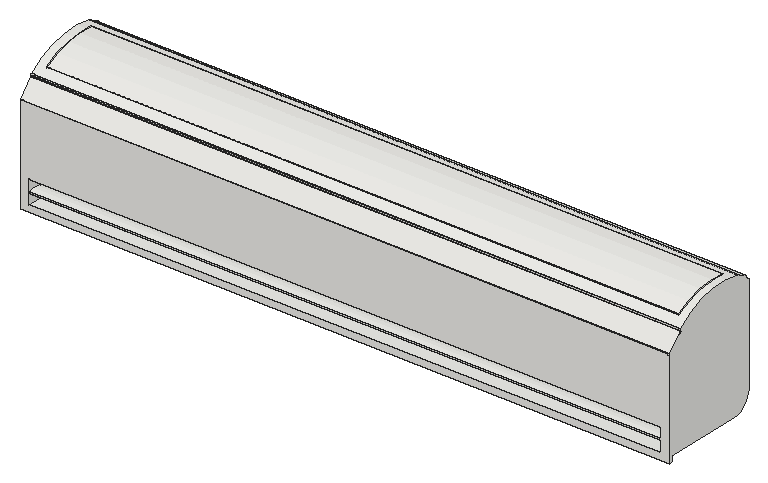
Revit family "ELiS C-W-150-bílá", category Mechanical Equipment, host Face, Revit 2018
Family settings
  Host = Face
  Round Connector Dimension = Use Diameter
  Part Type = Normal
  Cut with Voids When Loaded = No
  Shared = No
  Room Calculation Point = No
Parameters (values of type "ELiS C-W-150")
  Weight of unit = 27.50 kg
  Water stream flow in the heat exchanger = 0 L/s
  Water pressure drop in the heat exchanger = 0 kPa
  URL = "www.hydronic.cz"
  Type Comments = "vnitřní instalace, neprašné prostředí; IP21; max dosah 3m na 3 rychlost"
  Second Material = FLOWAIR-PerforatedSteel-White
  Product code = "14288; bílá, délka 150cm, teplovodní; PN16; tmax=95°C"
  Power supply voltage = 230 V
  Power ratio = 0.96
  Outlet water temperature (Tw2) = 0 °C
  Outlet air temperature (Tp2) = 0 °C
  Max. current consumption = 0.95 A
  Manufacturer = "Hydronic Systems Prague s.r.o."
  Main Material = FLOWAIR-Steel-White
  Load classification = Motor
  Length = 1500.00 mm  # constant formula
  Inlet water temperature (Tw1) = 0 °C
  Inlet air temperature (Tp1) = 0 °C
  Heating capacity = 0 kW
  Fan = "Single phase motor with diagonal rotor"
  Description = "Dveřní clona"
  Model = "ELiS C-W-150"
  IP = "21"
  Default Elevation = 2200.00 mm
  Connection = 3/4"
  Author = ""
  Apparent power = Power supply voltage * Max. current consumption  # 218.5 VA
  Air flow = 0 m³/h
Reference planes
  plane 1 "Środek (Przód/Tył)": y = 0
  plane 2: z = 0
  plane 3 "Środek (Lewa/Prawa)": x = 0
Dimensions and locks
  aligned and locked: plane 2 to host face
  aligned and locked: level to host face
  aligned and locked: plane 3 "Środek (Lewa/Prawa)" to nested 1
  aligned and locked: plane 1 "Środek (Przód/Tył)" to nested 1
Nested families
  nested 1: "ELiS C-W" at (0, 0, 0), type "ELiS C-W"
    with długość 1500.00 mm
Connectors
  piping at (704, 227.682, 166.954), diameter 19.05, driven by "Connection", driven by "Water stream flow in the heat exchanger", driven by "Water pressure drop in the heat exchanger"
    settings: on nested 1, index 7, connector inside diameter 24", connector length 0.00 mm, flow factor 0, pipe flow 0 L/s, pressure drop 0 kPa, fitting loss kfactor 0, connector angle 0.00°, fixture units 0, engagement length 0.00 mm, angle of deflection 0.00°, flow configuration 1, flow direction 2, fitting loss method 4, system type 8, joint type 0, gender type 0, connector reference index -1, connector utility 0, adjustable connector no, is connector primary yes, connector description ""
  piping at (704, 227.682, 242.954), diameter 19.05, driven by "Connection", driven by "Water stream flow in the heat exchanger", driven by "Water pressure drop in the heat exchanger"
    settings: on nested 1, index 8, connector inside diameter 24", connector length 0.00 mm, flow factor 0, pipe flow 0 L/s, pressure drop 0 kPa, fitting loss kfactor 0, connector angle 0.00°, fixture units 0, engagement length 0.00 mm, angle of deflection 0.00°, flow configuration 1, flow direction 1, fitting loss method 4, system type 7, joint type 0, gender type 0, connector reference index -1, connector utility 0, adjustable connector no, is connector primary no, connector description ""
  electrical at (0, 235.182, 54.049), driven by "Power supply voltage", driven by "Apparent power", driven by "Power ratio", driven by "Load classification"
    settings: on nested 1, index 9, voltage 230 V, apparent load 218.5 VA, apparent load phase1 0 VA, apparent load phase2 0 VA, apparent load phase3 0 VA, power factor 0.96, load classification "Motor", number of poles 1, system type 30, power factor state 1, is connector primary yes, connector utility no, sub classification motor no, connector description ""
  electrical at (-59, 235.182, 85.024)
    settings: on nested 1, index 10, voltage 0 V, apparent load 0 VA, apparent load phase1 0 VA, apparent load phase2 0 VA, apparent load phase3 0 VA, power factor 1, load classification "Motor", number of poles 1, system type 13, power factor state 1, is connector primary no, connector utility no, sub classification motor no, connector description "TS regulator"
  electrical at (59, 235.182, 85.024)
    settings: on nested 1, index 11, voltage 0 V, apparent load 0 VA, apparent load phase1 0 VA, apparent load phase2 0 VA, apparent load phase3 0 VA, power factor 1, load classification "Motor", number of poles 1, system type 13, power factor state 1, is connector primary no, connector utility no, sub classification motor no, connector description "Limit switches"
Definition of nested family "ELiS C-W"
  Parameters
    materiał perforacja = none
    materiał = none
    długość = 1000.00 mm
  Reference planes
    plane 1 "Środek (Przód/Tył)": y = 0
    plane 2: z = 0
    plane 3 "Środek (Lewa/Prawa)": x = 0
    plane 4: x = -500
    plane 5: x = 500
    plane 6: x = -480
    plane 7: x = 480
    plane 8: x = 250
    plane 9: x = -250
  Forms (mm)
    Extrusion 1, solid, material <- "materiał", detail levels medium
      sketch origin (0, 300, 0) x (0, 1, 0) y (0, 0, 1)
        loop
          line (-72.756, 283.564) -> (-81.693, 294.358)
          arc (-81.693, 294.358) -> (-82.051, 294.684) -> (-82.482, 294.903) r 1.8
          line (-82.482, 294.903) -> (-98.157, 300.357)
          arc (-98.157, 300.357) -> (-98.505, 300.566) -> (-98.742, 300.895) r 1
          line (-98.742, 300.895) -> (-99.846, 303.375)
          arc (-99.846, 303.375) -> (-100.355, 304.039) -> (-101.109, 304.402) r 1.8
          arc (-101.109, 304.402) -> (-188.803, 303.806) -> (-267.88, 265.892) r 200.8
          arc (-267.88, 265.892) -> (-268.406, 265.22) -> (-268.563, 264.381) r 1.8
          line (-268.563, 264.381) -> (-268.42, 261.651)
          arc (-268.42, 261.651) -> (-268.477, 261.263) -> (-268.678, 260.927) r 1
          line (-268.678, 260.927) -> (-299.538, 226.654)
          arc (-299.538, 226.654) -> (-299.88, 226.094) -> (-300, 225.449) r 1.8
          line (-300, 225.449) -> (-300, 0) -> (-292.2, 0) -> (-292.2, 13.085) -> (-113.282, 13.085)
          arc (-113.282, 13.085) -> (-84.316, 25.083) -> (-72.318, 54.049) r 40.964
          line (-72.318, 54.049) -> (-72.318, 282.336)
          arc (-72.318, 282.336) -> (-72.431, 282.988) -> (-72.756, 283.564) r 1.943
      from -500 to 500
    Extrusion 2, solid, material <- "materiał", detail levels coarse
      sketch origin (0, 0, 0) x (0, 1, 0) y (0, 0, 1)
        loop
          arc (227.682, 295.867) -> (103.817, 301.954) -> (0, 234.12) r 200.8
          line (0, 234.12) -> (0, 0) -> (227.682, 0) -> (227.682, 295.867)
      from -500 to 500
    Extrusion 3, solid, material <- "materiał", detail levels fine
      sketch origin (0, 0, 0) x (0, 1, 0) y (0, 0, 1)
        loop
          line (227.244, 283.564) -> (218.307, 294.358)
          arc (218.307, 294.358) -> (217.949, 294.684) -> (217.518, 294.903) r 1.8
          line (217.518, 294.903) -> (201.843, 300.357)
          arc (201.843, 300.357) -> (201.495, 300.566) -> (201.258, 300.895) r 1
          line (201.258, 300.895) -> (200.154, 303.375)
          arc (200.154, 303.375) -> (199.645, 304.039) -> (198.891, 304.402) r 1.8
          arc (198.891, 304.402) -> (111.197, 303.806) -> (32.12, 265.892) r 200.8
          arc (32.12, 265.892) -> (31.594, 265.22) -> (31.437, 264.381) r 1.8
          line (31.437, 264.381) -> (31.58, 261.651)
          arc (31.58, 261.651) -> (31.523, 261.263) -> (31.322, 260.927) r 1
          line (31.322, 260.927) -> (0.462, 226.654)
          arc (0.462, 226.654) -> (0.12, 226.094) -> (0, 225.449) r 1.8
          line (0, 225.449) -> (0, 0) -> (7.8, 0) -> (7.8, 13.085) -> (186.718, 13.085)
          arc (186.718, 13.085) -> (215.684, 25.083) -> (227.682, 54.049) r 40.964
          line (227.682, 54.049) -> (227.682, 282.336)
          arc (227.682, 282.336) -> (227.569, 282.988) -> (227.244, 283.564) r 1.943
      from -500 to 500
    Extrusion 4, void
      sketch origin (0, 0, 0) x (0, 1, 0) y (0, 0, 1)
        loop
          line (52, 337.939) -> (52, 227.939) -> (180, 227.939) -> (180, 337.939) -> (52, 337.939)
      from -480 to 480
    Extrusion 5, solid, material <- "materiał perforacja", detail levels fine
      sketch origin (0, 0, 0) x (0, 1, 0) y (0, 0, 1)
        loop
          arc (180, 307.56) -> (113.664, 304.359) -> (52, 279.696) r 200.8
          line (52, 279.696) -> (52, 277.35)
          arc (52, 277.35) -> (113.61, 302.3) -> (180, 305.546) r 198.8
          line (180, 305.546) -> (180, 307.56)
      from -480 to 480
    Extrusion 6, void
      sketch origin (0, 0, 0) x (0, 1, 0) y (0, 0, 1)
        loop
          line (0, 15.085) -> (50, 15.085) -> (50, 70.085) -> (0, 70.085) -> (0, 43.585)
          arc (0, 43.585) -> (17.5, 45.585) -> (35, 43.585) r 77.563
          line (35, 43.585) -> (35, 41.585)
          arc (35, 41.585) -> (17.5, 39.585) -> (0, 41.585) r 77.563
          line (0, 41.585) -> (0, 15.085)
      from -480 to 480
    Extrusion 7, solid, material <- "materiał"
      sketch origin (0, 0, 0) x (0, 1, 0) y (0, 0, 1)
        loop
          line (10, 0) -> (172, 0) -> (172, 13.085) -> (10, 13.085) -> (10, 0)
      from -250 to 250
    Extrusion 8, solid, material <- "materiał"
      sketch origin (0, 0, 0) x (0, 1, 0) y (0, 0, 1)
        loop
          line (227.682, 54.049) -> (242.682, 54.049) -> (242.682, 116) -> (227.682, 116) -> (227.682, 54.049)
      from -59 to 59
    Extrusion 9, solid, material <- "materiał"
      sketch origin (0, 0, 0) x (1, 0, 0) y (0, 0, 1)
        loop
          circle (454, 242.954) r 17
        loop
          circle (454, 166.954) r 17
      from -227.682 to -225
  Cuts and joins
    Extrusion 4, Extrusion 6 cuts Extrusion 3
  Dimensions and locks
    equal spacing: plane 4, plane 3 "Środek (Lewa/Prawa)", plane 5
    "długość": plane 4 to plane 5
    locked: plane 4 to plane 6 at 20
    locked: plane 7 to plane 5 at 20
    equal spacing: plane 4, plane 9, plane 3 "Środek (Lewa/Prawa)"
    equal spacing: plane 3 "Środek (Lewa/Prawa)", plane 8, plane 5
    locked: Extrusion 9 sketch curve to plane 5 at 46  (x2)
    aligned and locked: level to plane 2
    aligned and locked: Extrusion 2 to plane 4
    aligned and locked: Extrusion 1 to plane 4
    aligned and locked: Extrusion 2 to plane 5
    aligned and locked: Extrusion 1 to plane 5
    aligned and locked: Extrusion 3 to plane 4
    aligned and locked: Extrusion 3 to plane 5
    aligned and locked: Extrusion 4 to plane 6
    aligned and locked: Extrusion 4 to plane 7
    aligned and locked: Extrusion 5 to plane 6
    aligned and locked: Extrusion 5 to plane 7
    aligned and locked: Extrusion 6 to plane 7
    aligned and locked: Extrusion 6 to plane 6
    aligned and locked: plane 8 to Extrusion 7
    aligned and locked: plane 9 to Extrusion 7
  Automatic sketch dimensions
    Extrusion 1 sketch curve to level = 0.00 mm
    Extrusion 1 sketch curve to plane 1 "Środek (Przód/Tył)" = 0.00 mm
    Extrusion 1 sketch curve to Extrusion 1 sketch curve = 1.80 mm
    Extrusion 1 sketch curve to plane 1 "Środek (Przód/Tył)" = 7.80 mm
    Extrusion 1 sketch curve to plane 1 "Środek (Przód/Tył)" = 30.581 mm
    Extrusion 1 sketch curve to Extrusion 1 sketch curve = 0.742 mm
    Extrusion 1 sketch curve to Extrusion 1 sketch curve = 0.856 mm
    Extrusion 1 sketch curve to Extrusion 1 sketch curve = 1.797 mm
    Extrusion 1 sketch curve to plane 1 "Środek (Przód/Tył)" = 156.375 mm
    Extrusion 1 sketch curve to Extrusion 1 sketch curve = 30.343 mm
    Extrusion 1 sketch curve to Extrusion 1 sketch curve = 165.276 mm
    Extrusion 1 sketch curve to Extrusion 1 sketch curve = 3.662 mm
    Extrusion 1 sketch curve to Extrusion 1 sketch curve = 14.754 mm
    Extrusion 1 sketch curve to Extrusion 1 sketch curve = 1.38 mm
    Extrusion 1 sketch curve to Extrusion 1 sketch curve = 8.812 mm
    Extrusion 1 sketch curve to Extrusion 1 sketch curve = 1.505 mm
    Extrusion 1 sketch curve to Extrusion 1 sketch curve = 40.964 mm
    Extrusion 1 sketch curve to Extrusion 1 sketch curve = 13.085 mm
    Extrusion 1 sketch curve to Extrusion 1 sketch curve = 54.106 mm
    Extrusion 1 sketch curve to Extrusion 1 sketch curve = 117.295 mm
    Extrusion 1 sketch curve to Extrusion 1 sketch curve = 35.478 mm
    Extrusion 1 sketch curve to Extrusion 1 sketch curve = 0.671 mm
    Extrusion 1 sketch curve to Extrusion 1 sketch curve = 2.783 mm
    Extrusion 1 sketch curve to Extrusion 1 sketch curve = 0.097 mm
    Extrusion 1 sketch curve to Extrusion 1 sketch curve = 174.181 mm
    Extrusion 1 sketch curve to Extrusion 1 sketch curve = 10.867 mm
    Extrusion 1 sketch curve to Extrusion 1 sketch curve = 1.155 mm
    Extrusion 1 sketch curve to Extrusion 1 sketch curve = 8.099 mm
    Extrusion 1 sketch curve to Extrusion 1 sketch curve = 1.341 mm
    Extrusion 1 sketch curve to plane 1 "Środek (Przód/Tył)" = 0.462 mm
    Extrusion 1 sketch curve to Extrusion 1 sketch curve = 0.00 mm  (x14)
    Extrusion 1 sketch curve to Extrusion 1 sketch curve = 0.257 mm
    Extrusion 1 sketch curve to Extrusion 1 sketch curve = 1.263 mm
    Extrusion 1 sketch curve to Extrusion 1 sketch curve = 0.914 mm
    Extrusion 1 sketch curve to Extrusion 1 sketch curve = 0.585 mm
    Extrusion 1 sketch curve to Extrusion 1 sketch curve = 0.789 mm
    Extrusion 1 sketch curve to Extrusion 1 sketch curve = 0.944 mm
    Extrusion 2 sketch curve to level = 0.00 mm
    Extrusion 2 sketch curve to Extrusion 2 sketch curve = 71.306 mm
    Extrusion 2 sketch curve to Extrusion 2 sketch curve = 108.154 mm
    Extrusion 2 sketch curve to plane 1 "Środek (Przód/Tył)" = 0.00 mm
    Extrusion 2 sketch curve to Extrusion 2 sketch curve = 125.966 mm
    Extrusion 2 sketch curve to plane 1 "Środek (Przód/Tył)" = 156.375 mm
    plane 1 "Środek (Przód/Tył)" to Extrusion 3 sketch curve = 0.00 mm
    Extrusion 3 sketch curve to Extrusion 3 sketch curve = 1.80 mm
    Extrusion 3 sketch curve to Extrusion 3 sketch curve = 7.80 mm
    Extrusion 3 sketch curve to Extrusion 3 sketch curve = 28.781 mm
    Extrusion 3 sketch curve to Extrusion 3 sketch curve = 0.742 mm
    Extrusion 3 sketch curve to Extrusion 3 sketch curve = 0.856 mm
    Extrusion 3 sketch curve to Extrusion 3 sketch curve = 1.797 mm
    Extrusion 3 sketch curve to Extrusion 3 sketch curve = 148.575 mm
    Extrusion 3 sketch curve to Extrusion 3 sketch curve = 30.343 mm
    Extrusion 3 sketch curve to Extrusion 3 sketch curve = 165.276 mm
    Extrusion 3 sketch curve to Extrusion 3 sketch curve = 3.662 mm
    Extrusion 3 sketch curve to Extrusion 3 sketch curve = 14.754 mm
    Extrusion 3 sketch curve to Extrusion 3 sketch curve = 1.38 mm
    Extrusion 3 sketch curve to Extrusion 3 sketch curve = 8.812 mm
    Extrusion 3 sketch curve to Extrusion 3 sketch curve = 1.505 mm
    Extrusion 3 sketch curve to Extrusion 3 sketch curve = 40.964 mm
    level to Extrusion 3 sketch curve = 0.00 mm
    Extrusion 3 sketch curve to Extrusion 3 sketch curve = 13.085 mm
    Extrusion 3 sketch curve to Extrusion 3 sketch curve = 54.106 mm
    Extrusion 3 sketch curve to Extrusion 3 sketch curve = 117.295 mm
    Extrusion 3 sketch curve to Extrusion 3 sketch curve = 35.478 mm
    Extrusion 3 sketch curve to Extrusion 3 sketch curve = 0.671 mm
    Extrusion 3 sketch curve to Extrusion 3 sketch curve = 2.783 mm
    Extrusion 3 sketch curve to Extrusion 3 sketch curve = 0.097 mm
    Extrusion 3 sketch curve to Extrusion 3 sketch curve = 174.181 mm
    Extrusion 3 sketch curve to Extrusion 3 sketch curve = 10.867 mm
    Extrusion 3 sketch curve to Extrusion 3 sketch curve = 1.155 mm
    Extrusion 3 sketch curve to Extrusion 3 sketch curve = 8.099 mm
    Extrusion 3 sketch curve to Extrusion 3 sketch curve = 1.341 mm
    Extrusion 3 sketch curve to Extrusion 3 sketch curve = 0.462 mm
    Extrusion 3 sketch curve to Extrusion 3 sketch curve = 0.00 mm  (x14)
    Extrusion 3 sketch curve to Extrusion 3 sketch curve = 0.257 mm
    Extrusion 3 sketch curve to Extrusion 3 sketch curve = 1.263 mm
    Extrusion 3 sketch curve to Extrusion 3 sketch curve = 0.914 mm
    Extrusion 3 sketch curve to Extrusion 3 sketch curve = 0.585 mm
    Extrusion 3 sketch curve to Extrusion 3 sketch curve = 0.789 mm
    Extrusion 3 sketch curve to Extrusion 3 sketch curve = 0.944 mm
    Extrusion 4 sketch curve to Extrusion 4 sketch curve = 128.00 mm
    level to Extrusion 4 sketch curve = 227.939 mm
    Extrusion 4 sketch curve to Extrusion 4 sketch curve = 110.00 mm
    Extrusion 4 sketch curve to plane 1 "Środek (Przód/Tył)" = 52.00 mm
    Extrusion 5 sketch curve to plane 1 "Środek (Przód/Tył)" = 156.375 mm
    level to Extrusion 5 sketch curve = 108.154 mm
    Extrusion 5 sketch curve to plane 1 "Środek (Przód/Tył)" = 52.00 mm
    Extrusion 5 sketch curve to Extrusion 5 sketch curve = 23.625 mm
    Extrusion 5 sketch curve to Extrusion 5 sketch curve = 25.85 mm
    Extrusion 5 sketch curve to Extrusion 5 sketch curve = 2.346 mm
    Extrusion 5 sketch curve to Extrusion 5 sketch curve = 0.00 mm  (x2)
    Extrusion 7 sketch curve to level = 0.00 mm
    Extrusion 7 sketch curve to plane 1 "Środek (Przód/Tył)" = 10.00 mm
    Extrusion 7 sketch curve to Extrusion 7 sketch curve = 162.00 mm
    level to Extrusion 7 sketch curve = 13.085 mm
    Extrusion 8 sketch curve to plane 1 "Środek (Przód/Tył)" = 227.682 mm
    level to Extrusion 8 sketch curve = 116.00 mm
    level to Extrusion 8 sketch curve = 54.049 mm
    Extrusion 8 sketch curve to Extrusion 8 sketch curve = 15.00 mm
    level to Extrusion 9 sketch curve = 166.954 mm
    Extrusion 9 sketch curve to Extrusion 9 sketch curve = 76.00 mm
    Extrusion 6 sketch curve to plane 1 "Środek (Przód/Tył)" = 0.00 mm  (x2)
    Extrusion 6 sketch curve to plane 1 "Środek (Przód/Tył)" = 17.50 mm  (x2)
    Extrusion 6 sketch curve to Extrusion 6 sketch curve = 35.00 mm
    Extrusion 6 sketch curve to Extrusion 6 sketch curve = 15.00 mm
    Extrusion 6 sketch curve to level = 31.977 mm
    level to Extrusion 6 sketch curve = 15.085 mm
    Extrusion 6 sketch curve to Extrusion 6 sketch curve = 26.50 mm  (x2)
    Extrusion 6 sketch curve to Extrusion 6 sketch curve = 2.00 mm
    Extrusion 6 sketch curve to Extrusion 6 sketch curve = 47.063 mm
    radius of Extrusion 9 sketch curve = 17.00 mm  (x2)
